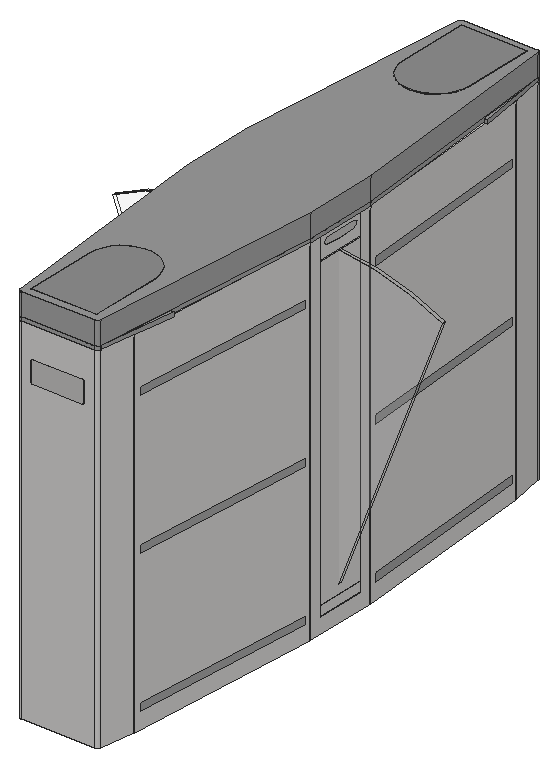
Revit family "CAME_Турникет_Скоростной_SLIDINGGATELIGHT_РаздвижнойЦентральныйМодуль550", category Специальное оборудование, Revit 2019
Family settings
  Размер круглого соединителя = Использовать диаметр
  Тип детали = Нормальный
  На основе рабочей плоскости = Нет
  Всегда вертикально = Да
  При загрузке вырезать с полостями = Нет
  Общий = Нет
  Точка расчета площади = Нет
Parameters
  Описание = "Центральный модуль раздвижного турникета SLIDING GATE LIGHT для построения двух- и более проходных турникетов. Оснащен платой управления и светодиодными указателями прохода и направления."
  Изготовитель = "CAME"  # constant formula
  Группа модели = "Турникеты"
  Watermark [instance] = "Модели защищены уникальным кодом"
  URL = "https://camerussia.com"
  CAME_Тип механизма турникета = "моторизованный"  # constant formula
  CAME_Напряжение электропитания двигателя (В) = 24 V  # constant formula
  CAME_Максимальное количество проходов в минуту = "30"  # constant formula
  CAME_Класс защиты (IP) = "44"  # constant formula
  CAME_Интенсивность использования (%) = "ИНТЕНСИВНОЕ"  # constant formula
  CAME_Диапазон рабочих температур (°C) = "-20 ÷ +68"  # constant formula
  CAME_Время открывания (с) = "0.8"  # constant formula
  BL_Разработано = "support@bimlib.pro"  # constant formula
  BL_Email = "cru.info@came.com"  # constant formula
  BL_BIM library = "https://bimlib.pro/manufacturer/came/cf0b6efe-31e5-4ffa-b7ea-1d6fa84041d4/?tab=products"
  ADSK_Размер_Ширина = 875 mm  # constant formula
  ADSK_Размер_Глубина = 1465 mm  # constant formula
  ADSK_Размер_Высота = 1030 mm  # constant formula
  ADSK_Полная мощность = ADSK_Номинальная мощность / ADSK_Коэффициент мощности  # 81.25 VA
  ADSK_Обозначение = "ТУ 26.30.50-001-89603926-2021"  # constant formula
  ADSK_Номинальная мощность = 78 W  # constant formula
  ADSK_Напряжение = 230 V  # constant formula
  ADSK_Наименование краткое = "Центр. модуль турникета SLIDING GATE LIGHT, 550 мм"  # constant formula
  ADSK_Наименование = "Центральный модуль высокоскоростного раздвижного турникета SLIDING GATE LIGHT, ширина прохода 550 мм"  # constant formula
  ADSK_Масса_Текст = "130 кг"  # constant formula
  ADSK_Масса = 130  # constant formula
  ADSK_Марка = "АРТ:001SGL01C"  # constant formula
  ADSK_Коэффициент мощности = 0.96
  ADSK_Количество фаз = 1  # constant formula
  ADSK_Количество = 1  # constant formula
  ADSK_Код изделия = "Код КСР 26.30.50.119.61.2.07.09"  # constant formula
  ADSK_Классификация нагрузок = Прочее
  ADSK_Завод-изготовитель = "CAME"  # constant formula
  ADSK_Единица измерения = "шт."  # constant formula
  ADSK_Группирование = "SLIDING GATE"  # constant formula
  ADSK_Версия семейства = "1.0"  # constant formula
  ADSK_Версия Revit = "2019"  # constant formula
  ADSK_URL страницы изделия = "https://camerussia.com/product/001sgl01c/"
  ADSK_URL документации изделия = "https://camerussia.com/uploads/support/instructions/files/Инструкция%20Sliding%20Gate%20Ligtht%20SGL01-SGL02-SGL90.pdf"
Reference planes
  plane 1 "По центру (Вперед/Назад)": y = 0
  plane 2: z = 0
  plane 3 "По центру (Влево/Вправо)": x = 0
  plane 4: x = -162.5
  plane 5: x = 162.5
  plane 6: y = 732.5
  plane 7: y = -732.5
  plane 8: z = 1030
  plane 9: x = -105
  plane 10: x = 105
  plane 11: y = 100
  plane 12: y = -100
  plane 13: x = -105
  plane 14: x = 105
  plane 15: y = 100
  plane 16: y = -100
  plane 17: z = 15
  plane 18: z = 960
  plane 19: z = 70
  plane 20: z = 445
  plane 21: z = 820
  plane 22: x = 437.5
  plane 23: z = 104.92
  plane 24: z = 821.32
  plane 25: y = 632.5
  plane 26: y = -632.5
  plane 27: y = 632.5
  plane 28: y = -632.5
  plane 29: x = -437.5
Forms (mm)
  Extrusion 1, solid, material "CAME_Сталь_Нержавеющая_AISI 304", detail levels medium
    sketch origin (0, 0, 0) x (1, 0, 0) y (0, 1, 0)
      loop
        arc (-105, 732.5) -> (-148.095, 417.554) -> (-162.5, 100) r 3507.5
        line (-162.5, 100) -> (-162.5, -100)
        arc (-162.5, -100) -> (-148.095, -417.554) -> (-105, -732.5) r 3507.5
        line (-105, -732.5) -> (105, -732.5)
        arc (105, -732.5) -> (148.095, -417.554) -> (162.5, -100) r 3507.5
        line (162.5, -100) -> (162.5, 100)
        arc (162.5, 100) -> (148.095, 417.554) -> (105, 732.5) r 3507.5
        line (105, 732.5) -> (-105, 732.5)
    from 0 to 1030
  Extrusion 2, solid, material "CAME_Сталь_Нержавеющая_AISI 304", detail levels fine
    sketch origin (-363.045, -1524, 15) x (-1, 0, 0) y (0, -1, 0)
      loop
        line (-459.701, -2256.5) -> (-266.388, -2256.5)
        arc (-266.388, -2256.5) -> (-260.067, -2254.249) -> (-256.592, -2248.51) r 10
        line (-256.592, -2248.51) -> (-241.439, -2157.96)
        arc (-241.439, -2157.96) -> (-242.655, -2156.256) -> (-240.951, -2155.04) r 1.48
        arc (-240.951, -2155.04) -> (-208.933, -1891.171) -> (-200.525, -1625.5) r 2983.664
        arc (-200.525, -1625.5) -> (-202.045, -1624.01) -> (-200.545, -1622.5) r 1.5
        line (-200.545, -1622.5) -> (-200.545, -1425.5)
        arc (-200.545, -1425.5) -> (-202.045, -1423.99) -> (-200.525, -1422.5) r 1.5
        arc (-200.525, -1422.5) -> (-208.933, -1156.829) -> (-240.951, -892.96) r 2983.664
        arc (-240.951, -892.96) -> (-242.655, -891.744) -> (-241.439, -890.04) r 1.48
        line (-241.439, -890.04) -> (-256.592, -799.49)
        arc (-256.592, -799.49) -> (-260.067, -793.751) -> (-266.388, -791.5) r 10
        line (-266.388, -791.5) -> (-459.701, -791.5)
        arc (-459.701, -791.5) -> (-466.022, -793.751) -> (-469.497, -799.49) r 10
        line (-469.497, -799.49) -> (-484.65, -890.04)
        arc (-484.65, -890.04) -> (-483.435, -891.744) -> (-485.138, -892.96) r 1.48
        arc (-485.138, -892.96) -> (-517.157, -1156.829) -> (-525.564, -1422.5) r 2983.664
        arc (-525.564, -1422.5) -> (-524.045, -1423.99) -> (-525.545, -1425.5) r 1.5
        line (-525.545, -1425.5) -> (-525.545, -1622.5)
        arc (-525.545, -1622.5) -> (-524.045, -1624.01) -> (-525.564, -1625.5) r 1.5
        arc (-525.564, -1625.5) -> (-517.157, -1891.171) -> (-485.138, -2155.04) r 2983.664
        arc (-485.138, -2155.04) -> (-483.435, -2156.256) -> (-484.65, -2157.96) r 1.48
        line (-484.65, -2157.96) -> (-469.497, -2248.51)
        arc (-469.497, -2248.51) -> (-466.022, -2254.249) -> (-459.701, -2256.5) r 10
    from 0 to 945
  Extrusion 3, solid, material "CAME_Камень_Гранитный_SGL01", detail levels fine
    sketch origin (-925.693, -1524, 1030) x (-1, 0, 0) y (0, -1, 0)
      loop
        arc (-829.037, -2256.5) -> (-822.626, -2254.175) -> (-819.196, -2248.28) r 10
        arc (-819.196, -2248.28) -> (-777.222, -1937.393) -> (-763.193, -1624) r 3507.5
        line (-763.193, -1624) -> (-763.193, -1424)
        arc (-763.193, -1424) -> (-777.222, -1110.607) -> (-819.196, -799.72) r 3507.5
        arc (-819.196, -799.72) -> (-822.626, -793.825) -> (-829.037, -791.5) r 10
        line (-829.037, -791.5) -> (-1022.35, -791.5)
        arc (-1022.35, -791.5) -> (-1028.761, -793.825) -> (-1032.19, -799.72) r 10
        arc (-1032.19, -799.72) -> (-1074.165, -1110.607) -> (-1088.193, -1424) r 3507.5
        line (-1088.193, -1424) -> (-1088.193, -1624)
        arc (-1088.193, -1624) -> (-1074.165, -1937.393) -> (-1032.19, -2248.28) r 3507.5
        arc (-1032.19, -2248.28) -> (-1028.761, -2254.175) -> (-1022.35, -2256.5) r 10
        line (-1022.35, -2256.5) -> (-829.037, -2256.5)
    from 0 to -60
  Extrusion 4, solid, material "CAME_Стекло_Закаленное", detail levels medium+fine
    sketch origin (0, 0, 0) x (1, 0, 0) y (0, 0, 1)
      loop
        line (162.5, 104.92) -> (437.5, 821.32)
        arc (437.5, 821.32) -> (304.31, 875.725) -> (162.5, 900) r 660.492
        line (162.5, 900) -> (162.5, 104.92)
      loop
        line (-162.5, 104.92) -> (-162.5, 900)
        arc (-162.5, 900) -> (-304.31, 875.725) -> (-437.5, 821.32) r 660.492
        line (-437.5, 821.32) -> (-162.5, 104.92)
    from -5 to 5
  Extrusion 5, void
    sketch origin (162.5, 100, 0) x (-0.07587, 0.997118, 0) y (0, 0, 1)
      loop
        line (0.22, 830) -> (0.22, 810) -> (533.833, 810) -> (533.833, 830) -> (0.22, 830)
      loop
        line (0.22, 455) -> (0.22, 435) -> (533.833, 435) -> (533.833, 455) -> (0.22, 455)
      loop
        line (0.22, 80) -> (0.22, 60) -> (533.833, 60) -> (533.833, 80) -> (0.22, 80)
    from 1.5 to 20
  Extrusion 6, void
    sketch origin (162.5, -100, 0) x (0.07587, 0.997118, 0) y (0, 0, 1)
      loop
        line (-0.22, 830) -> (-533.833, 830) -> (-533.833, 810) -> (-0.22, 810) -> (-0.22, 830)
      loop
        line (-0.22, 455) -> (-533.833, 455) -> (-533.833, 435) -> (-0.22, 435) -> (-0.22, 455)
      loop
        line (-0.22, 80) -> (-533.833, 80) -> (-533.833, 60) -> (-0.22, 60) -> (-0.22, 80)
    from 1.5 to 20
  Extrusion 7, solid, material "CAME_Стекло_Закаленное_Черное", detail levels medium+fine
    sketch origin (-925.693, -1524, 1030) x (-1, 0, 0) y (0, -1, 0)
      loop
        line (-838.193, -811.5) -> (-1013.193, -811.5) -> (-1013.193, -1004)
        arc (-1013.193, -1004) -> (-925.693, -1091.5) -> (-838.193, -1004) r 87.5
        line (-838.193, -1004) -> (-838.193, -811.5)
      loop
        line (-838.193, -2236.5) -> (-838.193, -2044)
        arc (-838.193, -2044) -> (-925.693, -1956.5) -> (-1013.193, -2044) r 87.5
        line (-1013.193, -2044) -> (-1013.193, -2236.5) -> (-838.193, -2236.5)
    from 0 to 2
  Extrusion 8, solid, material "CAME_Стекло_Закаленное_Черное", detail levels medium+fine
    sketch origin (866.16, -732.5, 1200) x (1, 0, 0) y (0, 0, 1)
      loop
        arc (-931.16, -320) -> (-934.695, -321.464) -> (-936.16, -325) r 5
        line (-936.16, -325) -> (-936.16, -375)
        arc (-936.16, -375) -> (-934.695, -378.536) -> (-931.16, -380) r 5
        line (-931.16, -380) -> (-801.16, -380)
        arc (-801.16, -380) -> (-797.624, -378.536) -> (-796.16, -375) r 5
        line (-796.16, -375) -> (-796.16, -325)
        arc (-796.16, -325) -> (-797.624, -321.464) -> (-801.16, -320) r 5
        line (-801.16, -320) -> (-931.16, -320)
    from 0 to 2
  Extrusion 9, solid, material "CAME_Стекло_Закаленное_Черное", detail levels medium+fine
    sketch origin (-872.529, 732.5, 1200) x (-1, 0, 0) y (0, 0, 1)
      loop
        arc (-937.529, -320) -> (-941.064, -321.464) -> (-942.529, -325) r 5
        line (-942.529, -325) -> (-942.529, -375)
        arc (-942.529, -375) -> (-941.064, -378.536) -> (-937.529, -380) r 5
        line (-937.529, -380) -> (-807.529, -380)
        arc (-807.529, -380) -> (-803.993, -378.536) -> (-802.529, -375) r 5
        line (-802.529, -375) -> (-802.529, -325)
        arc (-802.529, -325) -> (-803.993, -321.464) -> (-807.529, -320) r 5
        line (-807.529, -320) -> (-937.529, -320)
    from 0 to 2
  Extrusion 10, solid, material "CAME_Стекло_Закаленное_Черное", detail levels fine
    sketch origin (162.5, -493.584, 1200) x (0, -1, 0) y (0, 0, 1)
      loop
        arc (-538.191, -269.625) -> (-493.584, -272.128) -> (-448.976, -269.625) r 398.858
        arc (-448.976, -269.625) -> (-439.351, -260) -> (-448.976, -250.375) r 9.625
        arc (-448.976, -250.375) -> (-493.584, -247.872) -> (-538.191, -250.375) r 398.858
        arc (-538.191, -250.375) -> (-547.816, -260) -> (-538.191, -269.625) r 9.625
    from 0 to 1.5
  Extrusion 11, void
    sketch origin (162.5, -493.584, 1200) x (0, -1, 0) y (0, 0, 1)
      loop
        line (-558.584, -240) -> (-561.584, -240) -> (-561.584, -1145) -> (-425.584, -1145) -> (-425.584, -240) -> (-428.584, -240) -> (-428.584, -297) -> (-558.584, -297) -> (-558.584, -240)
      loop
        line (-428.584, -1142) -> (-428.584, -1118) -> (-558.584, -1118) -> (-558.584, -1142) -> (-428.584, -1142)
      loop
        line (-558.584, -300) -> (-558.584, -1115) -> (-428.584, -1115) -> (-428.584, -300) -> (-558.584, -300)
      loop
        arc (-448.976, -269.625) -> (-439.351, -260) -> (-448.976, -250.375) r 9.625
        arc (-448.976, -250.375) -> (-493.584, -247.872) -> (-538.191, -250.375) r 398.858
        arc (-538.191, -250.375) -> (-547.816, -260) -> (-538.191, -269.625) r 9.625
        arc (-538.191, -269.625) -> (-493.584, -272.128) -> (-448.976, -269.625) r 398.858
    from 0 to 1.5
  Extrusion 12, solid, material "CAME_Сталь_Нержавеющая_AISI 304", detail levels fine
    sketch origin (0, 0, 0) x (1, 0, 0) y (0, 1, 0)
      loop
        circle (50, -632.5) r 25
      loop
        circle (-50, -632.5) r 25
      loop
        circle (50, 632.5) r 25
      loop
        circle (-50, 632.5) r 25
      loop
        circle (50, -232.5) r 25
      loop
        circle (-50, -232.5) r 25
      loop
        circle (50, 232.5) r 25
      loop
        circle (-50, 232.5) r 25
    from 0 to 15
  Extrusion 13, solid, material "Воздух", detail levels fine
    sketch origin (349.639, -1524, 960) x (0, -1, 0) y (-1, 0, 0)
      loop
        arc (-799.72, 456.136) -> (-1110.607, 498.11) -> (-1424, 512.139) r 3507.5
        line (-1424, 512.139) -> (-1624, 512.139)
        arc (-1624, 512.139) -> (-1937.393, 498.11) -> (-2248.28, 456.136) r 3507.5
        arc (-2248.28, 456.136) -> (-2254.175, 452.706) -> (-2256.5, 446.295) r 10
        line (-2256.5, 446.295) -> (-2256.5, 252.982)
        arc (-2256.5, 252.982) -> (-2254.175, 246.571) -> (-2248.28, 243.142) r 10
        arc (-2248.28, 243.142) -> (-1937.393, 201.167) -> (-1624, 187.139) r 3507.5
        line (-1624, 187.139) -> (-1424, 187.139)
        arc (-1424, 187.139) -> (-1110.607, 201.167) -> (-799.72, 243.142) r 3507.5
        arc (-799.72, 243.142) -> (-793.825, 246.571) -> (-791.5, 252.982) r 10
        line (-791.5, 252.982) -> (-791.5, 446.295)
        arc (-791.5, 446.295) -> (-793.825, 452.706) -> (-799.72, 456.136) r 10
    from -10 to 0
  Extrusion 14, solid, material "Индикатор синий", detail levels fine
    sketch origin (349.639, -1524, 960) x (0, -1, 0) y (-1, 0, 0)
      loop
        line (-791.5, 252.982) -> (-791.5, 446.295)
        arc (-791.5, 446.295) -> (-793.825, 452.706) -> (-799.72, 456.136) r 10
        arc (-799.72, 456.136) -> (-901.634, 473.023) -> (-1004, 486.902) r 3507.5
        line (-1004, 486.902) -> (-1004, 212.376)
        arc (-1004, 212.376) -> (-901.634, 226.254) -> (-799.72, 243.142) r 3507.5
        arc (-799.72, 243.142) -> (-793.825, 246.571) -> (-791.5, 252.982) r 10
      loop
        line (-2044, 212.376) -> (-2044, 486.902)
        arc (-2044, 486.902) -> (-2146.366, 473.023) -> (-2248.28, 456.136) r 3507.5
        arc (-2248.28, 456.136) -> (-2254.175, 452.706) -> (-2256.5, 446.295) r 10
        line (-2256.5, 446.295) -> (-2256.5, 252.982)
        arc (-2256.5, 252.982) -> (-2254.175, 246.571) -> (-2248.28, 243.142) r 10
        arc (-2248.28, 243.142) -> (-2146.366, 226.254) -> (-2044, 212.376) r 3507.5
    from -10 to 0
  Extrusion 15, void
    sketch origin (-162.5, 100, 0) x (0.07587, 0.997118, 0) y (0, 0, -1)
      loop
        line (0.22, -830) -> (533.833, -830) -> (533.833, -810) -> (0.22, -810) -> (0.22, -830)
      loop
        line (0.22, -455) -> (533.833, -455) -> (533.833, -435) -> (0.22, -435) -> (0.22, -455)
      loop
        line (0.22, -80) -> (533.833, -80) -> (533.833, -60) -> (0.22, -60) -> (0.22, -80)
    from 1.5 to 20
  Extrusion 16, void
    sketch origin (-162.5, -100, 0) x (-0.07587, 0.997118, 0) y (0, 0, -1)
      loop
        line (-0.22, -830) -> (-0.22, -810) -> (-533.833, -810) -> (-533.833, -830) -> (-0.22, -830)
      loop
        line (-0.22, -455) -> (-0.22, -435) -> (-533.833, -435) -> (-533.833, -455) -> (-0.22, -455)
      loop
        line (-0.22, -80) -> (-0.22, -60) -> (-533.833, -60) -> (-533.833, -80) -> (-0.22, -80)
    from 1.5 to 20
  Extrusion 17, void
    sketch origin (-162.5, 429.895, 1200) x (0, 1, 0) y (0, 0, 1)
      loop
        line (-364.895, -240) -> (-364.895, -297) -> (-494.895, -297) -> (-494.895, -240) -> (-497.895, -240) -> (-497.895, -1145) -> (-361.895, -1145) -> (-361.895, -240) -> (-364.895, -240)
      loop
        line (-364.895, -300) -> (-494.895, -300) -> (-494.895, -1115) -> (-364.895, -1115) -> (-364.895, -300)
      loop
        line (-364.895, -1118) -> (-494.895, -1118) -> (-494.895, -1142) -> (-364.895, -1142) -> (-364.895, -1118)
      loop
        arc (-385.288, -250.375) -> (-429.896, -247.872) -> (-474.503, -250.375) r 398.858
        arc (-474.503, -250.375) -> (-484.128, -260) -> (-474.503, -269.625) r 9.625
        arc (-474.503, -269.625) -> (-429.896, -272.128) -> (-385.288, -269.625) r 398.858
        arc (-385.288, -269.625) -> (-375.663, -260) -> (-385.288, -250.375) r 9.625
    from 0 to 1.5
  Extrusion 18, solid, material "CAME_Стекло_Закаленное_Черное", detail levels fine
    sketch origin (-162.5, 429.895, 1200) x (0, 1, 0) y (0, 0, 1)
      loop
        arc (-385.288, -250.375) -> (-429.896, -247.872) -> (-474.503, -250.375) r 398.858
        arc (-474.503, -250.375) -> (-484.128, -260) -> (-474.503, -269.625) r 9.625
        arc (-474.503, -269.625) -> (-429.896, -272.128) -> (-385.288, -269.625) r 398.858
        arc (-385.288, -269.625) -> (-375.663, -260) -> (-385.288, -250.375) r 9.625
    from 0 to 1.5
Cuts and joins
  Extrusion 5, Extrusion 6, Extrusion 11, Extrusion 15, Extrusion 16, Extrusion 17 cuts Extrusion 2
  Extrusion 17 cuts Extrusion 13
Lines and regions (mm)
  reference lines
    curve 1: line (162.5, 100, 0) -> (122.094, 631.04, 0)
    curve 2: line (162.5, -100, 0) -> (122.094, -631.04, 0)
  model lines, style "CAME", detail levels coarse
    curve 3: line (-162.5, 732.5, 0) -> (162.5, 732.5, 0)
    curve 4: line (-162.5, -732.5, 0) -> (-162.5, 732.5, 0)
    curve 5: line (162.5, -732.5, 0) -> (-162.5, -732.5, 0)
    curve 6: line (162.5, 732.5, 0) -> (162.5, -732.5, 0)
    curve 7: line (162.5, 0, 0) -> (437.5, 0, 0)
    curve 8: line (-162.5, 0, 0) -> (-437.5, 0, 0)
Dimensions and locks
  locked: plane 4 to plane 5 at 325
  equal spacing: plane 7, plane 1 "По центру (Вперед/Назад)", plane 6
  "ADSK_Размер_Глубина": plane 7 to plane 6
  equal spacing: plane 4, plane 3 "По центру (Влево/Вправо)", plane 5
  "ADSK_Размер_Высота": plane 8 to plane 2
  plane 9 to plane 3 "По центру (Влево/Вправо)" to plane 10 = 105 mm locked, 105 mm locked
  plane 12 to plane 1 "По центру (Вперед/Назад)" to plane 11 = 100 mm locked, 100 mm locked
  plane 13 to plane 3 "По центру (Влево/Вправо)" to plane 14 = 105 mm locked, 105 mm locked
  plane 15 to plane 1 "По центру (Вперед/Назад)" to plane 16 = 100 mm locked, 100 mm locked
  locked: plane 17 to plane 2 at 15
  locked: plane 8 to plane 18 at 70
  plane 21 to plane 20 to plane 19 to plane 2 = 375 mm locked, 375 mm locked, 70 mm locked
  equal spacing: plane 29, plane 3 "По центру (Влево/Вправо)", plane 22
  locked: plane 25 to plane 6 at 100
  locked: plane 7 to plane 26 at 100
  locked: plane 7 to plane 28 at 100
  locked: plane 27 to plane 6 at 100
  Extrusion 5 sketch curve to plane 21 to Extrusion 5 sketch curve = 10 mm locked, 10 mm locked
  Extrusion 5 sketch curve to plane 20 to Extrusion 5 sketch curve = 10 mm locked, 10 mm locked
  Extrusion 5 sketch curve to plane 19 to Extrusion 5 sketch curve = 10 mm locked, 10 mm locked
  Extrusion 6 sketch curve to plane 21 to Extrusion 6 sketch curve = 10 mm locked, 10 mm locked
  Extrusion 6 sketch curve to plane 20 to Extrusion 6 sketch curve = 10 mm locked, 10 mm locked
  Extrusion 6 sketch curve to plane 19 to Extrusion 6 sketch curve = 10 mm locked, 10 mm locked
  plane 7 to Extrusion 7 sketch curve to Extrusion 7 sketch curve = 20 mm locked, 192.5 mm locked
  Extrusion 7 sketch curve to plane 3 "По центру (Влево/Вправо)" to Extrusion 7 sketch curve = 87.5 mm locked, 87.5 mm locked
  plane 6 to Extrusion 7 sketch curve to Extrusion 7 sketch curve = 20 mm locked, 192.5 mm locked
  plane 8 to Extrusion 8 sketch curve to Extrusion 8 sketch curve = 150 mm locked, 60 mm locked
  Extrusion 8 sketch curve to plane 3 "По центру (Влево/Вправо)" to Extrusion 8 sketch curve = 70 mm locked, 70 mm locked
  Extrusion 11 sketch curve to Extrusion 11 sketch curve to plane 1 "По центру (Вперед/Назад)" to Extrusion 11 sketch curve to Extrusion 11 sketch curve = 3 mm locked, 65 mm locked, 65 mm locked, 3 mm locked
  locked: Extrusion 11 sketch curve to Extrusion 11 sketch curve at 3
  Extrusion 11 sketch curve to Extrusion 11 sketch curve to plane 19 to Extrusion 11 sketch curve to Extrusion 11 sketch curve = 3 mm locked, 12 mm locked, 12 mm locked, 3 mm locked
  Extrusion 12 sketch curve to plane 3 "По центру (Влево/Вправо)" to Extrusion 12 sketch curve = 50 mm locked, 50 mm locked  (x4)
  locked: Extrusion 12 sketch curve to plane 6 at 500
  locked: plane 6 to Extrusion 12 sketch curve at 500
  locked: plane 7 to Extrusion 12 sketch curve at 500  (x2)
  locked: plane 8 to plane 24 at 208.68
  locked: plane 23 to plane 2 at 104.92
  Extrusion 15 sketch curve to plane 21 to Extrusion 15 sketch curve = 10 mm locked, 10 mm locked
  Extrusion 15 sketch curve to plane 20 to Extrusion 15 sketch curve = 10 mm locked, 10 mm locked
  Extrusion 15 sketch curve to plane 19 to Extrusion 15 sketch curve = 10 mm locked, 10 mm locked
  Extrusion 16 sketch curve to plane 21 to Extrusion 16 sketch curve = 10 mm locked, 10 mm locked
  Extrusion 16 sketch curve to plane 20 to Extrusion 16 sketch curve = 10 mm locked, 10 mm locked
  Extrusion 16 sketch curve to plane 19 to Extrusion 16 sketch curve = 10 mm locked, 10 mm locked
  Extrusion 17 sketch curve to Extrusion 17 sketch curve to plane 18 = 3 mm locked, 57 mm locked
  Extrusion 17 sketch curve to Extrusion 17 sketch curve to plane 19 to Extrusion 17 sketch curve to Extrusion 17 sketch curve = 3 mm locked, 12 mm locked, 12 mm locked, 3 mm locked
  Extrusion 17 sketch curve to Extrusion 17 sketch curve to plane 1 "По центру (Вперед/Назад)" to Extrusion 17 sketch curve to Extrusion 17 sketch curve = 3 mm locked, 65 mm locked, 65 mm locked, 3 mm locked
  "ADSK_Размер_Ширина": plane 29 to plane 22
  radius of Extrusion 2 sketch curve = 10 mm  (x4)
  radius of Extrusion 8 sketch curve = 5 mm  (x4)
  aligned and locked: level to plane 2
  aligned and locked: Extrusion 1 sketch curve to plane 6
  aligned and locked: plane 7 to Extrusion 1 sketch curve
  aligned and locked: Extrusion 1 sketch curve to plane 5
  aligned and locked: plane 11 to Extrusion 1 sketch curve  (x2)
  aligned and locked: plane 12 to Extrusion 1 sketch curve  (x2)
  aligned and locked: Extrusion 1 sketch curve to plane 4
  aligned and locked: plane 8 to Extrusion 1
  aligned and locked: Extrusion 1 to Extrusion 2 sketch curve  (x2)
  aligned and locked: Extrusion 2 to plane 18
  aligned and locked: plane 22 to Extrusion 4 sketch curve
  aligned and locked: plane 24 to Extrusion 4 sketch curve
  aligned and locked: Extrusion 4 sketch curve to plane 5
  aligned and locked: plane 23 to Extrusion 4 sketch curve  (x2)
  aligned and locked: curve 3 to plane 6
  aligned and locked: curve 5 to plane 7
  aligned and locked: plane 4 to curve 4
  aligned and locked: plane 5 to curve 6
  aligned and locked: plane 1 "По центру (Вперед/Назад)" to curve 7
  aligned and locked: plane 22 to curve 7
  aligned and locked: Extrusion 7 sketch curve to Extrusion 7 sketch curve  (x2)
  aligned and locked: Extrusion 9 sketch curve to Extrusion 8  (x4)
  aligned and locked: Extrusion 11 sketch curve to plane 18
  aligned and locked: plane 18 to Extrusion 11 sketch curve
  aligned and locked: Extrusion 11 sketch curve to Extrusion 4
  aligned and locked: Extrusion 11 sketch curve to Extrusion 11 sketch curve  (x4)
  aligned and locked: Extrusion 11 sketch curve to Extrusion 10  (x4)
  aligned and locked: plane 28 to Extrusion 12 sketch curve  (x2)
  aligned and locked: plane 27 to Extrusion 12 sketch curve  (x2)
  aligned and locked: Extrusion 13 sketch curve to Extrusion 3  (x8)
  aligned and locked: Extrusion 14 sketch curve to Extrusion 3  (x4)
  aligned and locked: plane 18 to Extrusion 17 sketch curve  (x2)
  aligned and locked: Extrusion 17 sketch curve to Extrusion 17 sketch curve  (x4)
  aligned and locked: Extrusion 17 sketch curve to Extrusion 10  (x4)
  aligned and locked: Extrusion 18 sketch curve to cut or joined group of Extrusion 2, Extrusion 5, Extrusion 6, Extrusion 11, Extrusion 15, Extrusion 16, Extrusion 17  (x4)
  aligned and locked: plane 4 to Extrusion 4 sketch curve
  aligned and locked: plane 29 to Extrusion 4 sketch curve
  aligned and locked: Extrusion 4 sketch curve to plane 24
  aligned and locked: curve 8 to plane 1 "По центру (Вперед/Назад)"
  aligned and locked: plane 29 to curve 8
Automatic sketch dimensions
  Extrusion 1 sketch curve to plane 9 = 0 mm  (x2)
  Extrusion 1 sketch curve to plane 10 = 0 mm  (x2)
  Extrusion 2 sketch curve to plane 5 = 0 mm
  plane 26 to Extrusion 2 sketch curve = 0 mm  (x2)
  plane 25 to Extrusion 2 sketch curve = 0 mm  (x2)
  Extrusion 2 sketch curve to plane 4 = 0 mm
  Extrusion 2 sketch curve to plane 15 = 0 mm  (x2)
  plane 16 to Extrusion 2 sketch curve = 0 mm  (x2)
  plane 15 to Extrusion 2 sketch curve = 40.053 mm  (x2)
  Extrusion 2 sketch curve to plane 22 = 2383.395 mm
  plane 16 to Extrusion 2 sketch curve = 40.053 mm  (x2)
  Extrusion 2 sketch curve to Extrusion 2 sketch curve = 0 mm  (x4)
  Extrusion 2 sketch curve to plane 14 = 16.85 mm  (x2)
  Extrusion 2 sketch curve to plane 25 = 1.46 mm  (x2)
  Extrusion 2 sketch curve to Extrusion 2 sketch curve = 0.244 mm  (x4)
  plane 26 to Extrusion 2 sketch curve = 1.46 mm  (x2)
  Extrusion 2 sketch curve to plane 14 = 1.453 mm  (x2)
  Extrusion 2 sketch curve to Extrusion 2 sketch curve = 9.796 mm  (x2)
  plane 13 to Extrusion 2 sketch curve = 8.343 mm  (x2)
  Extrusion 2 sketch curve to plane 13 = 1.453 mm  (x2)
  Extrusion 2 sketch curve to plane 13 = 16.605 mm  (x2)
  Extrusion 2 sketch curve to plane 4 = 2658.395 mm
  Extrusion 2 sketch curve to Extrusion 2 sketch curve = 1.5 mm  (x4)
  Extrusion 2 sketch curve to plane 5 = 0.02 mm  (x2)
  Extrusion 2 sketch curve to plane 26 = 1.46 mm
  plane 25 to Extrusion 2 sketch curve = 1.46 mm
  curve 2 to plane 5 = 0 mm
  curve 1 to plane 5 = 0 mm
  plane 16 to curve 2 = 0 mm
  curve 1 to plane 15 = 0 mm
  curve 2 to plane 28 = 1.46 mm
  curve 2 to plane 14 = 17.094 mm
  plane 27 to curve 1 = 1.46 mm
  curve 1 to plane 14 = 17.094 mm
  plane 16 to Extrusion 3 sketch curve = 0 mm
  plane 15 to Extrusion 3 sketch curve = 0 mm
  Extrusion 3 sketch curve to plane 5 = 0 mm
  Extrusion 3 sketch curve to plane 6 = 0 mm
  plane 7 to Extrusion 3 sketch curve = 0 mm
  Extrusion 3 sketch curve to plane 4 = 0 mm
  Extrusion 3 sketch curve to plane 16 = 0 mm
  Extrusion 3 sketch curve to plane 15 = 0 mm
  Extrusion 3 sketch curve to plane 22 = 2907.5 mm
  Extrusion 3 sketch curve to Extrusion 3 sketch curve = 0 mm  (x2)
  plane 14 to Extrusion 3 sketch curve = 8.343 mm  (x2)
  plane 13 to Extrusion 3 sketch curve = 8.343 mm  (x2)
  Extrusion 3 sketch curve to plane 4 = 3182.5 mm
  Extrusion 3 sketch curve to Extrusion 3 sketch curve = 10 mm  (x3)
  Extrusion 3 sketch curve to plane 7 = 10 mm
  curve 1 to Extrusion 5 sketch curve = 0.22 mm  (x3)
  curve 1 to Extrusion 5 sketch curve = 1.258 mm  (x3)
  Extrusion 6 sketch curve to curve 2 = 1.258 mm  (x3)
  Extrusion 6 sketch curve to curve 2 = 0.22 mm  (x3)
  plane 18 to Extrusion 10 sketch curve = 20 mm
  Extrusion 10 sketch curve to plane 1 "По центру (Вперед/Назад)" = 44.607 mm
  plane 1 "По центру (Вперед/Назад)" to Extrusion 10 sketch curve = 0 mm  (x2)
  plane 1 "По центру (Вперед/Назад)" to Extrusion 10 sketch curve = 44.607 mm
  Extrusion 10 sketch curve to plane 20 = 108.269 mm
  plane 8 to Extrusion 10 sketch curve = 296.731 mm
  Extrusion 10 sketch curve to Extrusion 10 sketch curve = 9.625 mm
  Extrusion 15 sketch curve to Extrusion 15 sketch curve = 0 mm  (x4)
  Extrusion 15 sketch curve to Extrusion 15 sketch curve = 533.613 mm
  Extrusion 16 sketch curve to Extrusion 16 sketch curve = 0 mm  (x4)
  Extrusion 16 sketch curve to Extrusion 16 sketch curve = 533.613 mm
  Extrusion 4 sketch curve to plane 13 = 17.627 mm
  Extrusion 4 sketch curve to plane 14 = 17.627 mm
  Extrusion 4 sketch curve to plane 23 = 135.792 mm  (x2)
  plane 15 to Extrusion 14 sketch curve = 0 mm
  plane 16 to Extrusion 14 sketch curve = 0 mm
  Extrusion 14 sketch curve to Extrusion 14 sketch curve = 10 mm
  plane 27 to Extrusion 14 sketch curve = 112.5 mm
  plane 4 to Extrusion 14 sketch curve = 25.237 mm  (x2)
  Extrusion 14 sketch curve to plane 28 = 112.5 mm
  Extrusion 14 sketch curve to plane 7 = 10 mm
  plane 13 to Extrusion 14 sketch curve = 8.343 mm  (x2)
  Extrusion 14 sketch curve to Extrusion 14 sketch curve = 0 mm  (x2)
  radius of Extrusion 12 sketch curve = 25 mm  (x8)
Connectors
  electrical at (0, 0, 0), driven by "ADSK_Количество фаз", driven by "ADSK_Напряжение", driven by "ADSK_Полная мощность", driven by "ADSK_Коэффициент мощности"
    settings: on Extrusion 1, index 1, voltage 230 V, apparent load 0 VA, apparent load phase1 81.25 VA, apparent load phase2 0 VA, apparent load phase3 0 VA, power factor 0.96, load classification "Прочее", number of poles 1, system type 31, power factor state 1, is connector primary yes, connector utility no, sub classification motor no, connector description ""
